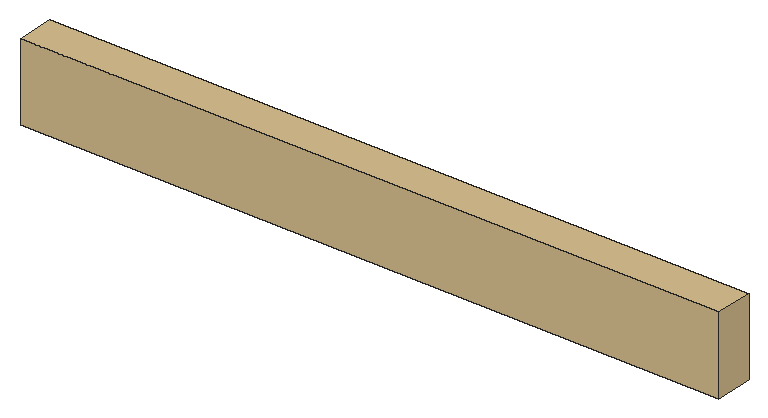
Revit family "Techlam Standard Beam-65mm", category Structural Framing, Revit 2016
Family settings
  Structural Framing Length Roundoff = 1 mm
  Section Shape = Not Defined
  Material for Model Behavior = Wood
  Always export as geometry = No
  Always vertical = Yes
  Cut with Voids When Loaded = No
  Symbolic Representation = From Project Settings
  Shared = No
  Show family pre-cut in plan views = Yes
Parameters (values of type "135 x 65")
  Structural Material [instance] = Wood - Dimensional Lumber
  Length [instance] = 1524 mm
  b = 65 mm
  d = 135 mm
  Angle [instance] = 0.00°
Types (22, lengths in mm): name | d
  (no name) | 135
  88 x 65 | 88
  135 x 65 | 135
  140 x 65 | 140
  180 x 65 | 180
  190 x 65 | 190
  225 x 65 | 225
  240 x 65 | 240
  270 x 65 | 270
  290 x 65 | 290
  315 x 65 | 315
  360 x 65 | 360
  405 x 65 | 405
  450 x 65 | 450
  495 x 65 | 495
  540 x 65 | 540
  585 x 65 | 585
  630 x 65 | 630
  675 x 65 | 675
  720 x 65 | 720
  765 x 65 | 765
  810 x 65 | 810
Reference planes
  plane 1 "Center (Front/Back)": y = 0
  plane 2: z = 0
  plane 3 "Center (Left/Right)": x = 4.61
  plane 4 "Member Left": x = -604.99
  plane 5 "Member Right": x = 614.21
  plane 6: y = 32.5
  plane 7: y = -32.5
  plane 8: z = 67.5
  plane 9: z = -67.5
  plane 10 "Left": x = -757.39
  plane 11 "Right": x = 766.61
Forms (mm)
  Sweep 1, solid, material "Wood - Dimensional Lumber" <- "Structural Material", detail levels medium+fine
    path origin (0, 0, 0) x (1, 0, 0) y (0, 1, 0)
      loop
        line (614.21, 0) -> (-604.99, 0)
    profile "M_Rectangular Wood Beam-Profile : M_Rectangular Wood Beam-Profile" origin (4.61, 0, 0) x (0, -1, 0) y (0, 0, 1)
      loop
        line (-32.5, -67.5) -> (32.5, -67.5) -> (32.5, 67.5) -> (-32.5, 67.5) -> (-32.5, -67.5)
Lines and regions (mm)
  reference lines
    curve 1: line (4.61, 0, 0) -> (4.61, 0, 75)
  symbolic lines, style "Stick Symbols", detail levels coarse
    curve 2: line (4.61, 32.5, 67.5) -> (4.61, -32.5, 67.5)
    curve 3: line (4.61, -32.5, -67.5) -> (4.61, 32.5, -67.5)
    curve 4: line (4.61, -32.5, 67.5) -> (4.61, -32.5, -67.5)
    curve 5: line (4.61, 32.5, -67.5) -> (4.61, 32.5, 67.5)
Dimensions and locks
  "b": plane 6 to plane 7
  "d": plane 9 to plane 8
  equal spacing: plane 9, plane 2, plane 8
  equal spacing: plane 6, plane 1 "Center (Front/Back)", plane 7
  "Length": plane 10 "Left" to plane 11 "Right"
  "Angle": angle plane 1 "Center (Front/Back)" to curve 1
  aligned and locked: Sweep 1 sketch curve to plane 1 "Center (Front/Back)"
  aligned and locked: curve 2 to Sweep 1
  aligned and locked: curve 3 to Sweep 1
  aligned and locked: curve 4 to Sweep 1
  aligned and locked: curve 5 to Sweep 1
  aligned and locked: plane 4 "Member Left" to Sweep 1 sketch curve
  aligned and locked: plane 5 "Member Right" to Sweep 1 sketch curve
Automatic sketch dimensions
  curve 1 to plane 1 "Center (Front/Back)" = 0 mm
  curve 1 to level = 0 mm
